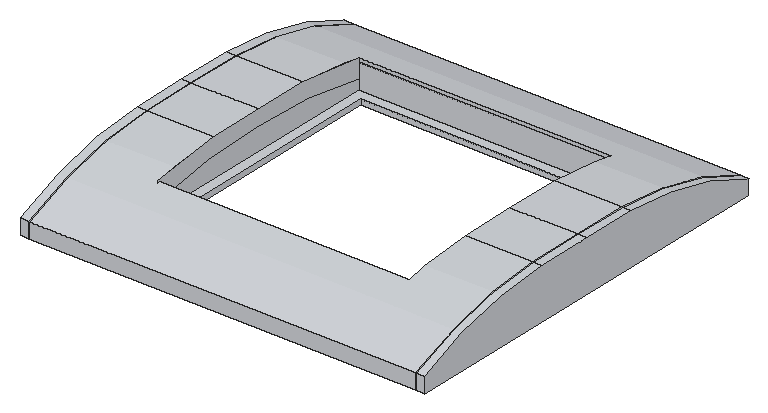
Revit family "Gira_021108", category Electrical Fixtures, host Face, Revit 2017
Family settings
  Host = Face
  Maintain Annotation Orientation = No
  Round Connector Dimension = Use Diameter
  Part Type = Normal
  Cut with Voids When Loaded = No
  Shared = No
  Room Calculation Point = No
Parameters (values of type "Abdeckrahmen 1f Zwischenr. AN Gira Event Anthrazit")
  Werkstoffgüte = "Thermoplast"
  Werkstoff = "Kunststoff"
  URL = "http://katalog.gira.de/de_DE/datenblatt.html?artikelnr=021108"
  Transparent = "No"
  Textfeld/Beschriftungsfläche = "No"
  Schutzart (IP) = "IP20"
  Region = "DE"
  Oberfläche = "sonstige"
  Name = "Abdeckrahmen 1f Zwischenr. AN Gira Event Anthrazit"
  Montagerichtung = "horizontal und vertikal"
  Mit Montagerahmen = "No"
  Mit Klappdeckel = "No"
  Manufacturer URL = "https://www.gira.de/"
  Keynote = "Event_Rahmen_1fach"
  HeinzeBIM = "https://bimportal.heinze.de/bim/abdeckrahmen-1f-zwischenr-an-gira-event-anthrazit/b331706aa5d0b203c75e35e6c849a84955e5cd40"
  Halogenfrei = "Yes"
  HAN = "021108"
  Geeignet für Unterputz-Installation = "Yes"
  Geeignet für Unterflurkanaldose = "No"
  Geeignet für Geräteeinbaukanal = "No"
  Geeignet für Einbauinstallation = "No"
  GTIN = "4010337211082"
  Farbe = "anthrazit"
  Default Elevation = 1219.2 mm
  Data sheet (1) = "https://katalog.gira.de/de_DE/download.html?artikelnr=021108"
  Category = "Abdeckrahmen"
  Befestigungsart = "Klemmbefestigung"
  Available = "Yes"
  Anzahl der Einheiten vertikal = "1 "
  Anzahl der Einheiten horizontal = "1 "
  Anzahl der Einheiten = "1 "
Reference planes
  plane 1 "Center (Front/Back)": y = 0
  plane 2: z = 0
  plane 3 "Center (Left/Right)": x = 0
Forms (mm)
  Extrusion 1, solid, detail levels fine
    sketch origin (0, 0, 1.55) x (0, 1, 0) y (0, 0, 1)
      loop
        arc (12.445, 9.683) -> (6.223, 9.833) -> (0, 9.85) r 291.636
        arc (0, 9.85) -> (-6.223, 9.833) -> (-12.445, 9.683) r 291.636
        arc (-12.445, 9.683) -> (-29.14, 7.482) -> (-45, 1.823) r 79.728
        line (-45, 1.823) -> (-45, -1.55) -> (-41.777, -1.55) -> (-41.777, -0.55)
        arc (-41.777, -0.55) -> (-21.205, 4.846) -> (0, 6.467) r 118.15
        arc (0, 6.467) -> (21.205, 4.846) -> (41.777, -0.55) r 118.15
        line (41.777, -0.55) -> (41.777, -1.55) -> (45, -1.55) -> (45, 1.823)
        arc (45, 1.823) -> (29.14, 7.482) -> (12.445, 9.683) r 79.728
    from -43 to 43
  Extrusion 2, void, detail levels fine
    sketch origin (0, 0, 0) x (1, 0, 0) y (0, 1, 0)
      loop
        line (-28, -28) -> (28, -28) -> (28, 28) -> (-28, 28) -> (-28, -28)
    from 2.85 to 12
  Extrusion 3, solid, detail levels coarse
    sketch origin (0, 0, 0) x (1, 0, 0) y (0, 1, 0)
      loop
        line (-45, 45) -> (-45, -45) -> (45, -45) -> (45, 45) -> (-45, 45)
    from 0 to 11.4
  Extrusion 4, solid, detail levels medium
    sketch origin (0, 0, 1.55) x (0, 1, 0) y (0, 0, 1)
      loop
        arc (12.445, 9.683) -> (6.223, 9.833) -> (0, 9.85) r 291.636
        arc (0, 9.85) -> (-6.223, 9.833) -> (-12.445, 9.683) r 291.636
        arc (-12.445, 9.683) -> (-29.14, 7.482) -> (-45, 1.823) r 79.728
        line (-45, 1.823) -> (-45, -1.55) -> (45, -1.55) -> (45, 1.823)
        arc (45, 1.823) -> (29.14, 7.482) -> (12.445, 9.683) r 79.728
    from -45 to 45
  Extrusion 5, solid, detail levels fine
    sketch origin (0, 0, 0) x (0, 1, 0) y (0, 0, 1)
      loop
        arc (45, 3.373) -> (29.14, 9.032) -> (12.445, 11.233) r 79.728
        arc (12.445, 11.233) -> (6.223, 11.383) -> (0, 11.4) r 291.636
        arc (0, 11.4) -> (-6.223, 11.383) -> (-12.445, 11.233) r 291.636
        arc (-12.445, 11.233) -> (-29.14, 9.032) -> (-45, 3.373) r 79.728
        line (-45, 3.373) -> (-45, 0) -> (45, 0) -> (45, 3.373)
    from 43 to 45
  Extrusion 6, solid, detail levels fine
    sketch origin (0, 0, 0) x (0, 1, 0) y (0, 0, -1)
      loop
        line (45, -3.373) -> (45, 0) -> (-45, 0) -> (-45, -3.373)
        arc (-45, -3.373) -> (-29.14, -9.032) -> (-12.445, -11.233) r 79.728
        arc (-12.445, -11.233) -> (-6.223, -11.383) -> (0, -11.4) r 291.636
        arc (0, -11.4) -> (6.223, -11.383) -> (12.445, -11.233) r 291.636
        arc (12.445, -11.233) -> (29.14, -9.032) -> (45, -3.373) r 79.728
    from 43 to 45
  Extrusion 7, solid, detail levels fine
    sketch origin (0, 0, 0) x (1, 0, 0) y (0, 1, 0)
      loop
        line (-25.7, 25.7) -> (-25.7, -25.7) -> (25.7, -25.7) -> (25.7, 25.7) -> (-25.7, 25.7)
      loop
        line (-29.495, 27.895) -> (-29.495, -27.895)
        spline (-29.495, -27.895) -> (-29.486, -28.025) -> (-29.461, -28.154) -> (-29.419, -28.278) -> (-29.361, -28.395) -> (-29.288, -28.504) -> (-29.202, -28.602) -> (-29.104, -28.688) -> (-28.995, -28.761) -> (-28.878, -28.819) -> (-28.754, -28.861) -> (-28.625, -28.886) -> (-28.495, -28.895)
        line (-28.495, -28.895) -> (28.495, -28.895)
        spline (28.495, -28.895) -> (28.625, -28.886) -> (28.754, -28.861) -> (28.878, -28.819) -> (28.995, -28.761) -> (29.104, -28.688) -> (29.202, -28.602) -> (29.288, -28.504) -> (29.361, -28.395) -> (29.419, -28.278) -> (29.461, -28.154) -> (29.486, -28.025) -> (29.495, -27.895)
        line (29.495, -27.895) -> (29.495, 27.895)
        spline (29.495, 27.895) -> (29.486, 28.025) -> (29.461, 28.154) -> (29.419, 28.278) -> (29.361, 28.395) -> (29.288, 28.504) -> (29.202, 28.602) -> (29.104, 28.688) -> (28.995, 28.761) -> (28.878, 28.819) -> (28.754, 28.861) -> (28.625, 28.886) -> (28.495, 28.895)
        line (28.495, 28.895) -> (-28.495, 28.895)
        spline (-28.495, 28.895) -> (-28.625, 28.886) -> (-28.754, 28.861) -> (-28.878, 28.819) -> (-28.995, 28.761) -> (-29.104, 28.688) -> (-29.202, 28.602) -> (-29.288, 28.504) -> (-29.361, 28.395) -> (-29.419, 28.278) -> (-29.461, 28.154) -> (-29.486, 28.025) -> (-29.495, 27.895)
    from 1.673 to 8.5
Cuts and joins
  Extrusion 2 cuts Extrusion 1
  Extrusion 2 cuts Extrusion 7
Dimensions and locks
  aligned and locked: plane 2 to host face
  aligned and locked: level to host face
